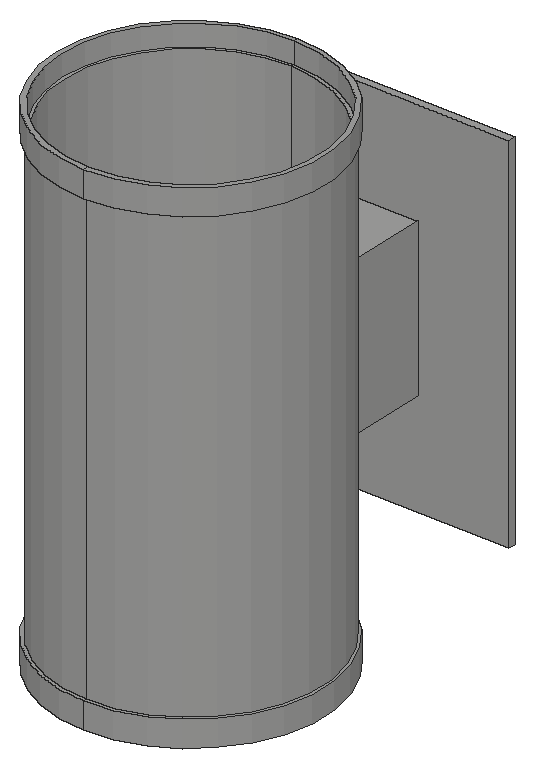
Revit family "CYBU510 - INC", category Lighting Fixtures, host Wall, Revit 2024
Family settings
  Host = Wall
  Round Connector Dimension = Use Diameter
  Part Type = Normal
  OmniClass Number = 23.80.70.00
  OmniClass Title = Lighting
  Always vertical = Yes
  Cut with Voids When Loaded = No
  Light Source = No
  Maintain Annotation Orientation = No
  Shared = No
  Room Calculation Point = No
Parameters
  Default Elevation = 0' - 0"
Reference planes (in)
  plane 1: y = 0
  plane 2 "Light Source Axis (F/B)": y = 8
  plane 3 "Light Source Axis (L/R)": x = -1.43133
  plane 4 "Light Source Elevation": z = 77.42225
Forms (in)
  Extrusion 1, solid, material "97"
    sketch origin (-1.43133, 0, 0) x (0, -1, 0) y (0, 0, 1)
      loop
        line (3, 80.92225) -> (3, 73.92225) -> (3.125, 73.92225) -> (3.125, 80.92225) -> (3, 80.92225)
    from -2.5 to 2.5
  Extrusion 2, solid, material "97"
    sketch origin (-1.43133, 0, 0) x (0, -1, 0) y (0, 0, 1)
      loop
        line (3.125, 78.92225) -> (3.125, 75.92225) -> (5.21827, 75.92225) -> (5.21827, 78.92225) -> (3.125, 78.92225)
    from -0.75 to 0.75
  Revolve 3, solid, material "97"
    sketch origin (-1.43133, 1.875, 0) x (0, -1, 0) y (0, 0, 1)
      loop
        line (6.9375, 82.64722) -> (6.9375, 82.14722) -> (7, 82.14722) -> (7, 73.52222) -> (6.9375, 73.52222) -> (6.9375, 73.02222) -> (7.03125, 73.02222) -> (7.03125, 73.42847) -> (7.09375, 73.42847) -> (7.09375, 82.24097) -> (7.03125, 82.24097) -> (7.03125, 82.64722) -> (6.9375, 82.64722)
      axis (9.5, 82.64722) -> (9.5, 73.02222)
    angle from 0 to 360
Text (in)
  text "Placement Side" at (0, 40.15149, 123.01588), in view "Right"
  text "Placement Side" at (-70.3804, 28.46503, 0), in view "Ref. Level"
  text "Placement Side" at (0, 85.69064, 140.59947), in view "Left"
Dimensions and locks (in)
  aligned: level to host wall
